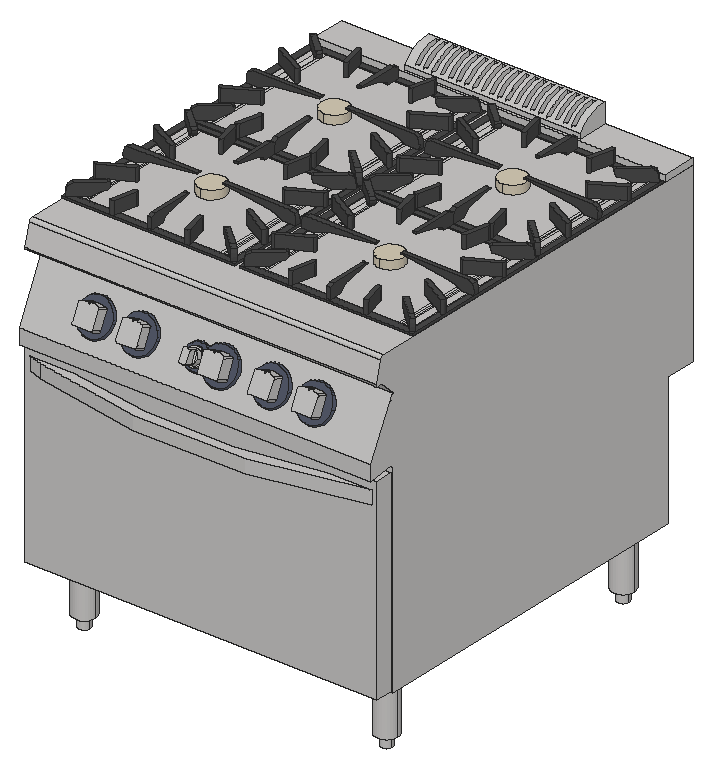
Revit family "QF_ZANUSSI_392005_Z9GCGH4SG0", category Specialty Equipment, Revit 2018 (continued)
Definition of nested family "QF_392005_BURNER"
  Automatic sketch dimensions
    curve 100 to curve 100 = 48.436 mm
    curve 103 to curve 103 = 1.125 mm
    curve 106 to curve 67 = 62.105 mm
    curve 107 to curve 107 = 4.872 mm
    plane 1 "BACK" to curve 104 = 55.96 mm
    curve 107 to curve 104 = 4.872 mm
    plane 1 "BACK" to curve 105 = 5.275 mm
    curve 107 to curve 105 = 11.182 mm
    curve 105 to curve 105 = 4.872 mm  (x2)
    curve 107 to curve 107 = 1.125 mm
    plane 1 "BACK" to curve 104 = 7.524 mm
    plane 1 "BACK" to curve 109 = 7.524 mm
    curve 62 to curve 109 = 41.179 mm
    curve 109 to curve 109 = 4.872 mm
    plane 1 "BACK" to curve 108 = 5.275 mm
    curve 109 to curve 108 = 4.872 mm
    curve 110 to curve 111 = 11.182 mm
    curve 110 to curve 111 = 4.872 mm
    plane 1 "BACK" to curve 108 = 53.711 mm
    curve 111 to curve 108 = 4.872 mm
    curve 111 to curve 108 = 2.25 mm
    radius of Extrusion 4 sketch curve = 30 mm
